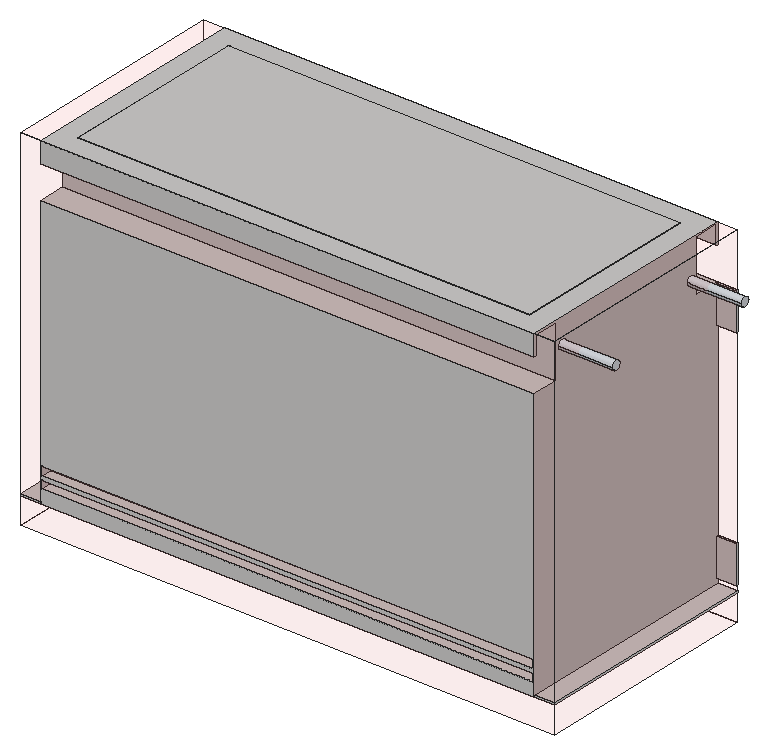
Revit family "Air-Curtain_Climate-Control_PoweredAire_ECE-ST", category Mechanical Equipment, host Face, Revit 2019
Family settings
  Host = Face
  Round Connector Dimension = Use Diameter
  Part Type = Normal
  OmniClass Number = 23.75.35.17.21
  OmniClass Title = Air Curtains
  Cut with Voids When Loaded = No
  Shared = No
  Room Calculation Point = No
Parameters
  upperrotation [instance] = if(Upper Pipe Connection Side A, 0.00°, 180.00°)  # 0.00°
  lowerrotation [instance] = if(Lower Pipe Connection Side A, 0.00°, 180.00°)  # 0.00°
  locateupperpipe [instance] = if(Upper Pipe Connection Side A, 0' 0", Nozzle Width)  # 0' - 0"
  locatelowerpipe [instance] = if(Lower Pipe Connection Side A, 0' 0", Nozzle Width)  # 0' - 0"
  Warranty Duration (Years) = 0
  Upper Pipe Connection Side A [instance] = yes
  Unit Width Notes = "Other Widths available."  # constant formula
  Unit Width = 3' - 3"
  Unit Weight = 0
  Unit Height = 1' - 4 3/4"
  Unit Depth [instance] = if(Include Filters, 2' 1 7/8", 1' 11 3/4")  # 1' - 11 3/4"
  URL = "http://www.poweredaire.com/"
  Test Data = ""
  Temperature Rise_Range = "as Specified"
  Standards Conformance = "as Specified"
  Specification = "http://www.arcat.com/sdspecs/htm04/23_34_33pai.htm"
  SpecWizard = ""
  Sound Pressure = "as Specified"
  Sales Information = "http://www.poweredaire.com/contact_us"
  Revision = "R1_2016-08"
  Projection from Host [instance] = 0' - 2"
  Product Properties = ""
  Product Data = "http://www.arcat.com/arcatcos/cos47/arc47623.html"
  Power Rating = 0 W
  Piping_Water Flow [instance] = 0 GPM
  Piping_Operating Pressure [instance] = 0.00 psi
  Piping_Exit Temperature [instance] = 0 °F
  Piping_Entry Temperature [instance] = 0 °F
  Pipe OD [instance] = 5/8"
  Outlet Volume_Range = "as Specified"
  Outlet Velocity_Range = "as Specified"
  Nozzle Width = if(1 = 1, Unit Width - 0' 3", 0' 0")  # 3' - 0"
  Mounting Width = if(1 = 1, Unit Width - 0' 1 1/2", 0' 0")  # 3' - 1 1/2"
  Mounting Height [instance] = 3' - 6"
  Motor RPM = 0
  Motor HP = 0
  Motor Count = 0
  Model = "As Specified"
  Max Height = 0' - 0"
  Manufacturer Website = "http://www.poweredaire.com/"
  Manufacturer Phone - Toll Free = "888-321-2473"
  Manufacturer Phone = "724-588-3305"
  Manufacturer Fax = "724-588-3371"
  Manufacturer Address = "109 Mortensen Rd.  Greenville, PA 16125"
  Manufacturer = "Powered Aire, Inc"
  Maintenance Schedule (Months) = 0
  Lower Pipe Connection Side A [instance] = yes
  Keynote = "23 34 33"
  Installation-Fabrication = ""
  Installation Phase = ""
  Include Filters [instance] = no
  Include Clearance [instance] = yes
  Heating Element Load = 0 W
  HVAC_Temperature Rise [instance] = 0 °F
  HVAC_Outlet Volume [instance] = 0 CFM
  HVAC_Outlet Velocity Uniformity = 0
  HVAC_Outlet Velocity [instance] = 0 FPM
  HVAC_BTU Input = 0.0 Btu/h
  Green Building-LEED = "http://www.arcat.com/green/clients/leed_data_47623.html"
  Front Grating Material [instance] = Metal - Steel - PoweredAire - Stainless 304 Perforated
  Frame Finish [instance] = Metal - Steel - PoweredAire - Stainless 304
  Expected Lifespan (Years) = 0
  Electrical_Wattage [instance] = Power Rating + Heating Element Load  # 0 W
  Electrical_Voltage [instance] = 0 V
  Electrical_Phase [instance] = 1
  Electrical_Frequency [instance] = 0 Hz
  Electrical_Amperage [instance] = 0 A
  Drawn By = "Sumex Design, Inc. / Robert S. Weygant, CSI, CDT, SCIP"
  Description = "Powered Aire Air Curtain as Specified"
  Default Elevation = 0' - 0"  # constant formula
  Copyright = "©Arcat Inc."
  Construction Details = "http://www.arcat.com/details/powair/prod3336.html"
  Clearance_Top [instance] = 0' - 0"
  Clearance_Side B [instance] = 0' - 0"
  Clearance_Side A [instance] = 0' - 0"
  Clearance_Intake [instance] = 0' - 0"
  Clearance_Bottom [instance] = 0' - 0"
  Clearance Material [instance] = ARCAT Clearance
  Building Codes = ""
  Available Options [instance] = "as Specified"
  Assembly Code = "D3090400"
Reference planes (in)
  plane 1 "Center (Elevation)": y = 0.13818
  plane 2: z = 0
  plane 3 "Center (Left/Right)": x = 0
  plane 4: y = 8.51318
  plane 5: y = -8.23682
  plane 6: x = -19.5
  plane 7: x = 19.5
  plane 8: z = 25.75
  plane 9 "FF": y = -41.86182
  plane 10: z = 2
  plane 11: x = 18
  plane 12: x = -18
  plane 13: y = 8.51318
  plane 14: y = -8.23682
  plane 15: x = -19.5
  plane 16: x = 19.5
  plane 17: z = 25.75
  plane 18: x = 17.9375
  plane 19: x = -17.9375
  plane 20: x = 18
  plane 21: x = 18
  plane 22: y = 6.01318
  plane 23: y = -5.73682
Forms (in)
  Extrusion 1, solid, material "Metal - Steel - PoweredAire - Stainless 304" <- "Frame Finish"
    sketch origin (0, 0, 0) x (0, 1, 0) y (0, 0, 1)
      loop
        line (-8.23682, 2) -> (8.51318, 2) -> (8.51318, 21.8125) -> (6.51318, 21.8125) -> (6.51318, 25.625) -> (8.38818, 25.625) -> (8.38818, 24.25) -> (8.51318, 24.25) -> (8.51318, 25.75) -> (-8.23682, 25.75) -> (-8.23682, 24.25) -> (-8.11182, 24.25) -> (-8.11182, 25.625) -> (-6.23682, 25.625) -> (-6.23682, 21.8125) -> (-8.23682, 21.8125) -> (-8.23682, 2)
    from -18 to 18
  Extrusion 2, solid, material "ARCAT Clearance" <- "Clearance Material", visible <- "Include Clearance"
    sketch origin (0, 0, 0) x (0, 1, 0) y (0, 0, 1)
      loop
        line (-8.23682, 25.75) -> (-8.23682, 0) -> (8.51318, 0) -> (8.51318, 25.75) -> (-8.23682, 25.75)
    from -19.5 to 19.5
  Extrusion 3, solid, material "Metal - Steel - PoweredAire - Stainless 304" <- "Frame Finish"
    sketch origin (-15.17702, -180, 2) x (-1, 0, 0) y (0, -1, 0)
      loop
        line (-33.17702, -188.51318) -> (-33.17702, -171.76318) -> (-34.67702, -171.76318) -> (-34.67702, -188.51318) -> (-33.17702, -188.51318)
      loop
        line (2.82298, -188.51318) -> (4.32298, -188.51318) -> (4.32298, -171.76318) -> (2.82298, -171.76318) -> (2.82298, -188.51318)
    from 0 to 0.125
  Extrusion 4, solid, material "Metal - Steel - PoweredAire - Stainless 304" <- "Frame Finish"
    sketch origin (-11.83813, 8.51318, 48) x (-1, 0, 0) y (0, 0, 1)
      loop
        line (-29.83813, -45.5) -> (-29.83813, -42.75) -> (-31.33813, -42.75) -> (-31.33813, -45.5) -> (-29.83813, -45.5)
      loop
        line (-29.83813, -28.9375) -> (-29.83813, -26.1875) -> (-31.33813, -26.1875) -> (-31.33813, -28.9375) -> (-29.83813, -28.9375)
      loop
        line (6.16187, -45.5) -> (7.66187, -45.5) -> (7.66187, -42.75) -> (6.16187, -42.75) -> (6.16187, -45.5)
      loop
        line (6.16187, -28.9375) -> (7.66187, -28.9375) -> (7.66187, -26.1875) -> (6.16187, -26.1875) -> (6.16187, -28.9375)
    from 0 to -0.125
  Extrusion 5, void
    sketch origin (0, 0, 0) x (0, 1, 0) y (0, 0, 1)
      loop
        line (-8.23682, 3) -> (-7.23682, 3) -> (-7.23682, 4.5) -> (-8.23682, 4.5) -> (-8.23682, 3.82425) -> (-7.38364, 3.82425) -> (-7.38364, 3.57425) -> (-8.23682, 3.57425) -> (-8.23682, 3)
    from -17.9375 to 17.9375
  Extrusion 6, solid, material "Metal - Steel - PoweredAire - Stainless 304 Perforated" <- "Front Grating Material"
    sketch origin (0, -8.23682, 25.75) x (0, 1, 0) y (-1, 0, 0)
      loop
        line (15.25, 16.5) -> (1.5, 16.5) -> (1.5, -16.5) -> (15.25, -16.5) -> (15.25, 16.5)
    from 0 to 0.03125
  Sweep 7, solid
    path origin (18, 6.01318, 0) x (1, 0, 0) y (0, 1, 0)
      loop
        line (0, 0) -> (4, 0)
    profile origin (20, 6.01318, 0) x (0, 1, 0) y (0, 0, 1)
      loop
        circle (0, 23) r 0.3125
  Sweep 8, solid
    path origin (18, -5.73682, 0) x (1, 0, 0) y (0, 1, 0)
      loop
        line (0, 0) -> (4, 0)
    profile origin (20, -5.73682, 0) x (0, 1, 0) y (0, 0, 1)
      loop
        circle (0, 24) r 0.3125
Cuts and joins
  Extrusion 5 cuts Extrusion 1
Lines and regions (in)
  reference lines
    curve 1: line (18, 6.01318, 0) -> (22.75, 6.01318, 0)
    curve 2: line (18, -5.73682, 0) -> (23.75, -5.73682, 0)
Dimensions and locks (in)
  equal spacing: plane 4, plane 1 "Center (Elevation)", plane 5
  "Unit Height": plane 4 to plane 5
  equal spacing: plane 6, plane 3 "Center (Left/Right)", plane 7
  "Unit Width": plane 6 to plane 7
  "Mounting Height": plane 1 "Center (Elevation)" to plane 9 "FF"
  "Projection from Host": plane 10 to level
  "Unit Depth": plane 8 to plane 10
  locked: plane 6 to plane 12 at 1.5
  locked: plane 11 to plane 7 at 1.5
  "Clearance_Side A": plane 7 to plane 16
  "Clearance_Side B": plane 15 to plane 6
  "Clearance_Top": plane 13 to plane 4
  "Clearance_Bottom": plane 5 to plane 14
  "Clearance_Intake": plane 17 to plane 8
  plane 5 to Extrusion 1 sketch curve to Extrusion 1 sketch curve = 0' - 0 1/8" locked, 0' - 1 7/8" locked
  Extrusion 1 sketch curve to Extrusion 1 sketch curve to plane 4 = 0' - 1 7/8" locked, 0' - 0 1/8" locked
  Extrusion 4 sketch curve to Extrusion 4 sketch curve to Extrusion 4 sketch curve to Extrusion 4 sketch curve to plane 10 = 0' - 2 3/4" locked, 1' - 1 13/16" locked, 0' - 2 3/4" locked, 0' - 0 1/2" locked
  Extrusion 4 sketch curve to Extrusion 4 sketch curve to Extrusion 4 sketch curve to Extrusion 4 sketch curve = 0' - 2 3/4" locked, 1' - 1 13/16" locked, 0' - 2 3/4" locked
  locked: Extrusion 4 sketch curve to plane 10 at 0.5
  plane 8 to Extrusion 1 sketch curve to Extrusion 1 sketch curve = 0' - 0 1/8" locked, 0' - 1 3/8" locked  (x2)
  locked: Extrusion 1 sketch curve to plane 10 at 19.8125  (x2)
  Extrusion 5 sketch curve to Extrusion 5 sketch curve to Extrusion 5 sketch curve to Extrusion 5 sketch curve to plane 10 = 0' - 0.67575" locked, 0' - 0 1/4" locked, 0' - 0.57425" locked, 0' - 1" locked
  plane 5 to Extrusion 5 sketch curve to Extrusion 5 sketch curve = 0' - 0.85319" locked, 0' - 0.14681" locked
  locked: plane 19 to plane 12 at 0.0625
  locked: plane 11 to plane 18 at 0.0625
  locked: plane 4 to Extrusion 6 sketch curve at 1.5
  locked: Extrusion 6 sketch curve to plane 5 at 1.5
  locked: Extrusion 6 sketch curve to plane 11 at 1.5
  locked: plane 12 to Extrusion 6 sketch curve at 1.5
  "locateupperpipe": plane 20 to plane 11
  "locatelowerpipe": plane 21 to plane 11
  locked: plane 4 to plane 22 at 2.5
  locked: plane 23 to plane 5 at 2.5
  locked: curve 1 to Sweep 7 sketch curve at 4
  locked: curve 1 to Sweep 7 sketch curve
  locked: Sweep 7 sketch curve to plane 10 at 21
  locked: curve 2 to Sweep 8 sketch curve at 4
  locked: curve 2 to Sweep 8 sketch curve
  locked: Sweep 8 sketch curve to plane 10 at 22
  "upperrotation": angle plane 22 to curve 1
  "lowerrotation": angle plane 23 to curve 2
  aligned and locked: plane 2 to host face
  aligned and locked: level to host face
  aligned and locked: Extrusion 2 sketch curve to plane 17
  aligned and locked: plane 14 to Extrusion 2 sketch curve
  aligned and locked: level to Extrusion 2 sketch curve
  aligned and locked: Extrusion 2 sketch curve to plane 13
  aligned and locked: plane 16 to Extrusion 2
  aligned and locked: Extrusion 2 to plane 15
  aligned and locked: plane 11 to Extrusion 1
  aligned and locked: Extrusion 1 to plane 12
  aligned and locked: plane 21 to curve 2
  aligned and locked: plane 23 to curve 2
  aligned and locked: plane 22 to curve 1
  aligned and locked: plane 20 to curve 1
Automatic sketch dimensions
  host sketch curve to host sketch curve = 8' - 0"  (x2)
  Extrusion 1 sketch curve to plane 5 = 0' - 0"  (x2)
  Extrusion 1 sketch curve to plane 4 = 0' - 0"  (x2)
  Extrusion 1 sketch curve to plane 10 = 0' - 0"
  Extrusion 1 sketch curve to plane 8 = 0' - 0"
  plane 4 to Extrusion 3 sketch curve = 0' - 0"
  Extrusion 3 sketch curve to plane 7 = 0' - 0"
  plane 5 to Extrusion 3 sketch curve = 0' - 0"
  Extrusion 3 sketch curve to plane 11 = 0' - 0"
  Extrusion 3 sketch curve to plane 4 = 0' - 0"
  Extrusion 3 sketch curve to plane 12 = 0' - 0"
  Extrusion 3 sketch curve to plane 6 = 0' - 0"
  Extrusion 3 sketch curve to plane 5 = 0' - 0"
  Extrusion 4 sketch curve to plane 7 = 0' - 0"  (x2)
  Extrusion 4 sketch curve to plane 11 = 0' - 0"  (x2)
  Extrusion 4 sketch curve to plane 12 = 0' - 0"  (x2)
  Extrusion 4 sketch curve to plane 6 = 0' - 0"  (x2)
  Extrusion 5 sketch curve to plane 5 = 0' - 0"  (x2)
  Sweep 7 sketch curve to profile plane = 0' - 0"
  Sweep 8 sketch curve to profile plane = 0' - 0"
  radius of Sweep 7 sketch curve = 0' - 0 5/16"
  radius of Sweep 8 sketch curve = 0' - 0 5/16"
Connectors (in)
  piping at (22, 6.01318, 23), diameter 0.625, driven by "Pipe OD", driven by "Piping_Water Flow"
    settings: on Sweep 7, index 1, connector inside diameter 24", connector length 0' - 0", flow factor 0, pipe flow 0 GPM, pressure drop 0.00 psi, fitting loss kfactor 0, connector angle 0.00°, fixture units 0, engagement length 0' - 0", angle of deflection 0.00°, flow configuration 0, flow direction 0, fitting loss method 0, system type 29, joint type 0, gender type 0, connector reference index -1, connector utility 0, adjustable connector no, is connector primary yes, connector description "Define Supply or Return and Location"
  piping at (22, -5.73682, 24), diameter 0.625, driven by "Pipe OD", driven by "Piping_Water Flow"
    settings: on Sweep 8, index 2, connector inside diameter 24", connector length 0' - 0", flow factor 0, pipe flow 0 GPM, pressure drop 0.00 psi, fitting loss kfactor 0, connector angle 0.00°, fixture units 0, engagement length 0' - 0", angle of deflection 0.00°, flow configuration 0, flow direction 0, fitting loss method 0, system type 29, joint type 0, gender type 0, connector reference index -1, connector utility 0, adjustable connector no, is connector primary no, connector description "Define Supply or Return and Location"
  electrical at (-18, 0.13818, 21.39062), driven by "Electrical_Voltage", driven by "Electrical_Phase"
    settings: on cut or joined group of Extrusion 1, Extrusion 5, index 3, voltage 0 V, apparent load 0 VA, apparent load phase1 0 VA, apparent load phase2 0 VA, apparent load phase3 0 VA, power factor 1, load classification "Motor", number of poles 1, system type 31, power factor state 1, is connector primary yes, connector utility no, sub classification motor no, connector description ""
